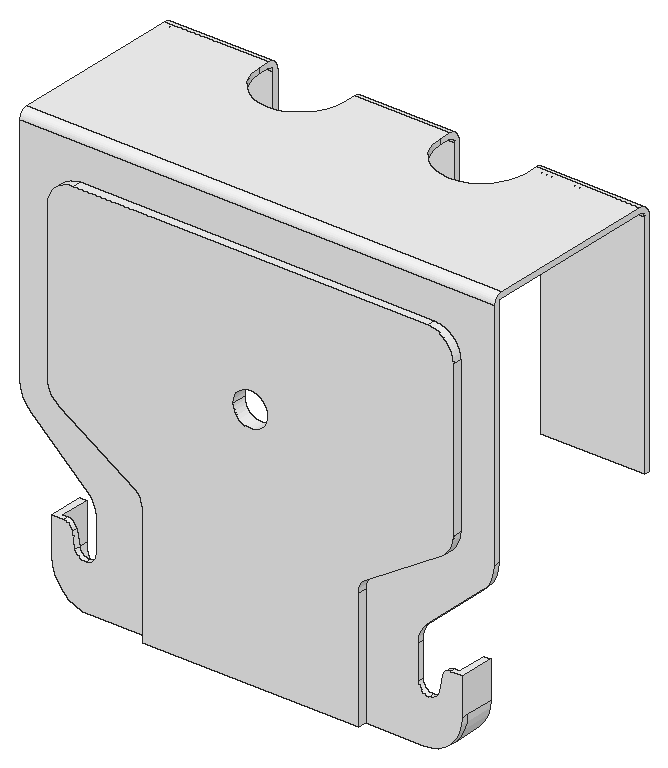
Revit family "特殊40mmWクリップ", category 機械設備, Revit 2020
Family settings
  丸型コネクタ寸法 = 直径を使用
  種別 = なし
  パーツ タイプ = 標準
  作業面ベース = いいえ
  常に垂直 = はい
  ロード時にボイドで切り取り = いいえ
  共有 = いいえ
  部屋計算ポイント = いいえ
Parameters
  製造元 = "株式会社桐井製作所"
  既定の高さ = 0 mm
  URL = "https://www.kirii.co.jp/"
  K_品名 = "特殊40mmWクリップ"
  K_名称 = "特殊クリップ"
  K_入数 = "500"
  K_バージョン情報 = "20211012"
Reference planes
  plane 1 "中心(正面/背面)": y = 0
  plane 2: z = 0
  plane 3 "中心(左/右)": x = 0
Forms (mm)
  Extrusion 1, solid
    sketch origin (0, 30, 0) x (0, 1, 0) y (0, 0, 1)
      loop
        line (-30, 0) -> (-29.4, -0.6) -> (-29.4, 48.9) -> (-9, 48.9)
        arc (-9, 48.9) -> (-8.54, 48.71) -> (-8.35, 48.25) r 0.65
        line (-8.35, 48.25) -> (-8.35, 20.95) -> (-7.75, 21.55) -> (-7.75, 48.25)
        arc (-7.75, 48.25) -> (-8.116, 49.134) -> (-9, 49.5) r 1.25
        line (-9, 49.5) -> (-29, 49.5)
        arc (-29, 49.5) -> (-29.707, 49.207) -> (-30, 48.5) r 1
        line (-30, 48.5) -> (-30, 0)
    from -27.5 to 27.5
  Extrusion 2, void
    sketch origin (0, -0.6, -0.8) x (0, 1, 0) y (0, 0, 1)
      loop
        line (0.387, 0.8) -> (0.387, -0.064) -> (1.428, -0.064) -> (1.428, 0.8) -> (0.387, 0.8)
    from -27.5 to 27.5
  Extrusion 3, solid
    sketch origin (0, 0, 0) x (1, 0, 0) y (0, 0, 1)
      loop
        arc (-20.5, 44.5) -> (-22.621, 43.621) -> (-23.5, 41.5) r 3
        line (-23.5, 41.5) -> (-23.5, 23.647)
        arc (-23.5, 23.647) -> (-23.13, 22.203) -> (-22.111, 21.116) r 3
        line (-22.111, 21.116) -> (-13.426, 15.589)
        arc (-13.426, 15.589) -> (-12.747, 14.865) -> (-12.5, 13.902) r 2
        line (-12.5, 13.902) -> (-12.5, 0) -> (12.5, 0) -> (12.5, 13.902)
        arc (12.5, 13.902) -> (12.747, 14.865) -> (13.426, 15.589) r 2
        line (13.426, 15.589) -> (22.111, 21.116)
        arc (22.111, 21.116) -> (23.13, 22.203) -> (23.5, 23.647) r 3
        line (23.5, 23.647) -> (23.5, 41.5)
        arc (23.5, 41.5) -> (22.621, 43.621) -> (20.5, 44.5) r 3
        line (20.5, 44.5) -> (-20.5, 44.5)
    from 0 to 1
  Extrusion 4, void
    sketch origin (0, 0, 0) x (1, 0, 0) y (0, 0, 1)
      loop
        line (-27.5, 21.576) -> (-27.5, 0) -> (-19.3, 0)
        arc (-19.3, 0) -> (-22.482, 1.318) -> (-23.8, 4.5) r 4.5
        line (-23.8, 4.5) -> (-23.8, 8.8) -> (-22.426, 8.8)
        arc (-22.426, 8.8) -> (-21.789, 8.571) -> (-21.444, 7.989) r 1
        line (-21.444, 7.989) -> (-21.1, 6.2)
        arc (-21.1, 6.2) -> (-20.65, 5.55) -> (-19.9, 5.3) r 1.25
        arc (-19.9, 5.3) -> (-19.016, 5.666) -> (-18.65, 6.55) r 1.25
        line (-18.65, 6.55) -> (-18.65, 10.467)
        arc (-18.65, 10.467) -> (-18.908, 11.685) -> (-19.638, 12.693) r 3
        line (-19.638, 12.693) -> (-26.182, 18.609)
        arc (-26.182, 18.609) -> (-27.156, 19.953) -> (-27.5, 21.576) r 4
      loop
        arc (27.5, 21.576) -> (27.156, 19.953) -> (26.182, 18.609) r 4
        line (26.182, 18.609) -> (19.638, 12.693)
        arc (19.638, 12.693) -> (18.908, 11.685) -> (18.65, 10.467) r 3
        line (18.65, 10.467) -> (18.65, 6.55)
        arc (18.65, 6.55) -> (19.016, 5.666) -> (19.9, 5.3) r 1.25
        arc (19.9, 5.3) -> (20.65, 5.55) -> (21.1, 6.2) r 1.25
        line (21.1, 6.2) -> (21.444, 7.989)
        arc (21.444, 7.989) -> (21.789, 8.571) -> (22.426, 8.8) r 1
        line (22.426, 8.8) -> (23.8, 8.8) -> (23.8, 4.5)
        arc (23.8, 4.5) -> (22.482, 1.318) -> (19.3, 0) r 4.5
        line (19.3, 0) -> (27.5, 0) -> (27.5, 21.576)
    from -0.6 to 0.455
  Extrusion 5, solid
    sketch origin (0, 0, 0) x (1, 0, 0) y (0, 0, 1)
      loop
        arc (-23.8, 4.5) -> (-22.482, 1.318) -> (-19.3, 0) r 4.5
        line (-19.3, 0) -> (19.3, 0)
        arc (19.3, 0) -> (22.482, 1.318) -> (23.8, 4.5) r 4.5
        line (23.8, 4.5) -> (23.8, 8.8) -> (23, 8.8) -> (23, 4.5)
        arc (23, 4.5) -> (21.916, 1.884) -> (19.3, 0.8) r 3.7
        line (19.3, 0.8) -> (-19.3, 0.8)
        arc (-19.3, 0.8) -> (-21.916, 1.884) -> (-23, 4.5) r 3.7
        line (-23, 4.5) -> (-23, 8.8) -> (-23.8, 8.8) -> (-23.8, 4.5)
    from -4 to 0
  Extrusion 6, void
    sketch origin (0, 9.471, 15.871) x (1, 0, 0) y (0, 1, 0)
      loop
        line (-15.5, 12.779) -> (-15.5, 10.029)
        arc (-15.5, 10.029) -> (-14.036, 6.493) -> (-10.5, 5.029) r 5
        arc (-10.5, 5.029) -> (-6.964, 6.493) -> (-5.5, 10.029) r 5
        line (-5.5, 10.029) -> (-5.5, 12.779) -> (-15.5, 12.779)
      loop
        line (5.5, 12.779) -> (5.5, 10.029)
        arc (5.5, 10.029) -> (6.964, 6.493) -> (10.5, 5.029) r 5
        arc (10.5, 5.029) -> (14.036, 6.493) -> (15.5, 10.029) r 5
        line (15.5, 10.029) -> (15.5, 12.779) -> (5.5, 12.779)
    from 5.705 to 33.629
  Extrusion 7, void
    sketch origin (0, 5.371, -3.224) x (0, 1, 0) y (0, 0, 1)
      loop
        line (15.756, 24.774) -> (15.756, 23.53) -> (16.879, 23.53) -> (16.879, 24.774) -> (15.756, 24.774)
    from -27.5 to 27.5
  Extrusion 8, void
    sketch origin (0, 0, 0) x (1, 0, 0) y (0, 0, 1)
      loop
        circle (0, 28.55) r 2
    from -0.6 to 1
Cuts and joins
  Extrusion 2, Extrusion 4, Extrusion 6, Extrusion 7, Extrusion 8 cuts Extrusion 1
  Extrusion 7, Extrusion 8 cuts Extrusion 3
  Extrusion 7, Extrusion 8 cuts Extrusion 5
  joined: Extrusion 1, Extrusion 3, Extrusion 5
Dimensions and locks
  aligned and locked: level to plane 2
